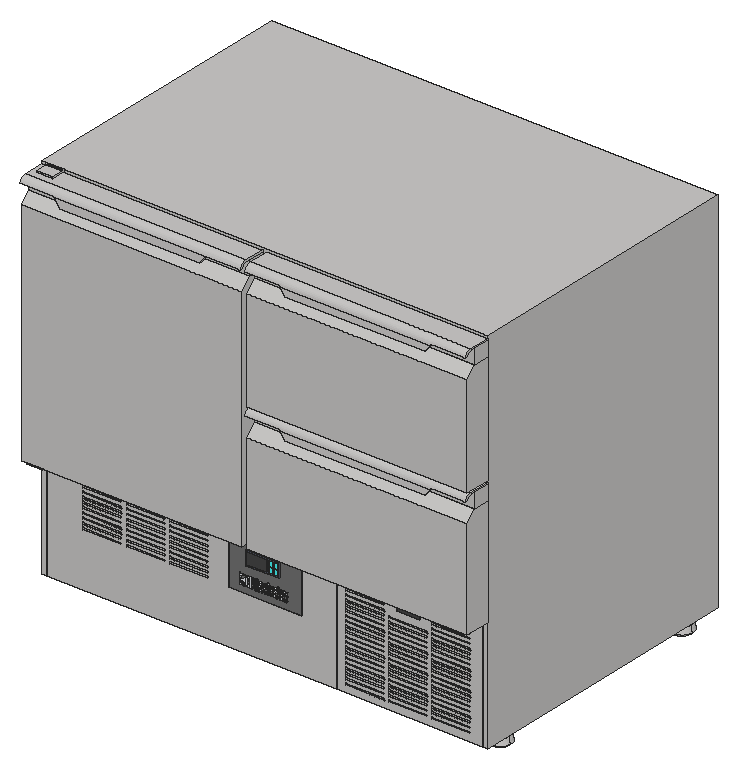
Revit family "QF_ELECTROLUXPROFESSIONAL_725105_SAL25N12", category Attrezzature speciali, Revit 2021
Family settings
  Quota connettore circolare = Usa diametro
  Tipo di parte = Normale
  Basato su piano di lavoro = No
  Sempre verticale = Sì
  Taglio con vuoti quando caricato = No
  Condiviso = No
  Punto di calcolo locali = No
Parameters (values of type "Standard")
  Weight = 85.00 kg
  Watts = 220 W
  Volts = 220 V
  URL Manufacturer = "https://www.electroluxprofessional.com/"
  URL = "https://www.electroluxprofessional.com/"
  Steam Supply Size = 0 mm
  Steam Supply Minimum Pressure = 0.0 Pa
  Steam Supply Maximum Pressure = 0.0 Pa
  Steam Consumption per Hour = 0
  Refrigeration Suction Line Size = 0 mm
  Refrigeration Liquid Line Size = 0 mm
  Refrigerant Compressor Remote = yes
  Prospetto di default = 0 mm
  Produttore = "Electrolux Professional"
  Phase = 1
  Modello = "SAL25N12"
  Length Actual = 950 mm  # constant formula
  Item Number = "725105"
  Hot Water Size = 0 mm
  Height Actual = 809 mm  # constant formula
  HP = "0.3 HP"
  Gas Size = 0 mm
  Gas KW = 0
  Gas Input Pressure = 0 W
  Direct Waste Size = 0 mm
  Descrizione = "1-DOOR+2-DRAWER REFRIGERATED COUNTER 250L +2+10°-NO TOP R290"
  Depth Actual = 674 mm  # constant formula
  Cycle = 50 Hz
  Condensate Return Size = 0 mm
  Compressed Air Volume = 0.0 L/s
  Compressed Air Size = 0 mm
  Compressed Air Pressure = 0.0 Pa
  Cold Water Size = 0 mm
  Accessory = yes
Reference planes
  plane 1: z = 0
  plane 2 "Center (Left/Right)": x = -126.5
  plane 3 "Center (Front/Back)": y = 64.5
  plane 4 "BACK": y = 414.5
  plane 5 "FRONT": y = -285.5
  plane 6 "LEFT": x = -604
  plane 7 "RIGHT": x = 351
  plane 8 "FEET": z = 20
  plane 9 "TOP": z = 858
  plane 10 "PLAIN": z = 808
  plane 11 "EI_back": y = 414.5
  plane 12 "EI_left": x = 287.5
  plane 13 "BorderBack": y = 414.5
  plane 14 "BorderFront": y = -252.5
  plane 15 "DOOR": y = -197.5
  plane 16 "BorderLeft": x = -601.5
  plane 17 "BorderRight": x = 348.5
  plane 18: x = -576.5
  plane 19: x = 323.5
  plane 20: y = -701.5
  plane 21: z = 260
  plane 22 "FeetBack": y = 347.5
  plane 23 "FeetFront": y = -137.5
  plane 24 "FeetRight": x = 326.2
  plane 25 "FeetLeft": x = -579.2
  plane 26 "DrainX": x = -271.5
  plane 27 "DrainY": y = 91.5
  plane 28: z = 238
Forms (mm)
  Extrusion 1, solid, material "QF_Finishes_Stainless Steel"
    sketch origin (-1022.223, 359, -1763) x (-1, 0, 0) y (0, 0, -1)
      loop
        circle (-1309.723, -1883) r 5
    from -55.5 to -57.278
  Extrusion 2, solid, material "QF_Finishes_Stainless Steel"
    sketch origin (-1022.223, -1524, 20) x (-1, 0, 0) y (0, -1, 0)
      loop
        line (-420.723, -1938.5) -> (-420.723, -1326.5) -> (-1370.723, -1326.5) -> (-1370.723, -1938.5) -> (-420.723, -1938.5)
    from 0 to 788
  Extrusion 3, void
    sketch origin (0, 0, 0) x (1, 0, 0) y (0, 1, 0)
      loop
        line (-591.5, -197.5) -> (338.5, -197.5) -> (338.5, -195.5) -> (-591.5, -195.5) -> (-591.5, -197.5)
    from 20 to 260
  Extrusion 4, solid, material "QF_Finishes_Stainless Steel"
    sketch origin (0, 0, 0) x (1, 0, 0) y (0, 1, 0)
      loop
        line (-591.5, -195.5) -> (-591.5, -197.5) -> (26.373, -197.5) -> (26.373, -195.5) -> (-591.5, -195.5)
    from 20 to 260
  Extrusion 5, solid, material "QF_Finishes_Stainless Steel"
    sketch origin (0, 0, 0) x (1, 0, 0) y (0, 1, 0)
      loop
        line (26.373, -195.5) -> (26.373, -197.5) -> (338.5, -197.5) -> (338.5, -195.5) -> (26.373, -195.5)
    from 20 to 260
  Extrusion 6, void
    sketch origin (560, -285.5, 0) x (-1, 0, 0) y (0, 0, 1)
      loop
        line (514.036, 239.427) -> (431.036, 239.427) -> (431.036, 234.427) -> (514.036, 234.427) -> (514.036, 239.427)
      loop
        line (514.036, 229.427) -> (431.036, 229.427) -> (431.036, 224.427) -> (514.036, 224.427) -> (514.036, 229.427)
      loop
        line (514.036, 219.427) -> (431.036, 219.427) -> (431.036, 214.427) -> (514.036, 214.427) -> (514.036, 219.427)
      loop
        line (514.036, 209.427) -> (431.036, 209.427) -> (431.036, 204.427) -> (514.036, 204.427) -> (514.036, 209.427)
      loop
        line (514.036, 199.427) -> (431.036, 199.427) -> (431.036, 194.427) -> (514.036, 194.427) -> (514.036, 199.427)
      loop
        line (514.036, 189.427) -> (431.036, 189.427) -> (431.036, 184.427) -> (514.036, 184.427) -> (514.036, 189.427)
      loop
        line (514.036, 179.427) -> (431.036, 179.427) -> (431.036, 174.427) -> (514.036, 174.427) -> (514.036, 179.427)
      loop
        line (514.036, 169.427) -> (431.036, 169.427) -> (431.036, 164.427) -> (514.036, 164.427) -> (514.036, 169.427)
      loop
        line (514.036, 149.427) -> (431.036, 149.427) -> (431.036, 144.427) -> (514.036, 144.427) -> (514.036, 149.427)
      loop
        line (514.036, 139.427) -> (431.036, 139.427) -> (431.036, 134.427) -> (514.036, 134.427) -> (514.036, 139.427)
      loop
        line (422.036, 199.427) -> (339.036, 199.427) -> (339.036, 194.427) -> (422.036, 194.427) -> (422.036, 199.427)
      loop
        line (422.036, 189.427) -> (339.036, 189.427) -> (339.036, 184.427) -> (422.036, 184.427) -> (422.036, 189.427)
      loop
        line (422.036, 179.427) -> (339.036, 179.427) -> (339.036, 174.427) -> (422.036, 174.427) -> (422.036, 179.427)
      loop
        line (422.036, 149.427) -> (339.036, 149.427) -> (339.036, 144.427) -> (422.036, 144.427) -> (422.036, 149.427)
      loop
        line (422.036, 139.427) -> (339.036, 139.427) -> (339.036, 134.427) -> (422.036, 134.427) -> (422.036, 139.427)
      loop
        line (330.036, 239.427) -> (247.036, 239.427) -> (247.036, 234.427) -> (330.036, 234.427) -> (330.036, 239.427)
      loop
        line (330.036, 229.427) -> (247.036, 229.427) -> (247.036, 224.427) -> (330.036, 224.427) -> (330.036, 229.427)
      loop
        line (330.036, 219.427) -> (247.036, 219.427) -> (247.036, 214.427) -> (330.036, 214.427) -> (330.036, 219.427)
      loop
        line (330.036, 209.427) -> (247.036, 209.427) -> (247.036, 204.427) -> (330.036, 204.427) -> (330.036, 209.427)
      loop
        line (330.036, 199.427) -> (247.036, 199.427) -> (247.036, 194.427) -> (330.036, 194.427) -> (330.036, 199.427)
      loop
        line (330.036, 189.427) -> (247.036, 189.427) -> (247.036, 184.427) -> (330.036, 184.427) -> (330.036, 189.427)
      loop
        line (330.036, 179.427) -> (247.036, 179.427) -> (247.036, 174.427) -> (330.036, 174.427) -> (330.036, 179.427)
      loop
        line (330.036, 149.427) -> (247.036, 149.427) -> (247.036, 144.427) -> (330.036, 144.427) -> (330.036, 149.427)
      loop
        line (330.036, 139.427) -> (247.036, 139.427) -> (247.036, 134.427) -> (330.036, 134.427) -> (330.036, 139.427)
      loop
        line (422.036, 169.427) -> (339.036, 169.427) -> (339.036, 164.427) -> (422.036, 164.427) -> (422.036, 169.427)
      loop
        line (330.036, 169.427) -> (247.036, 169.427) -> (247.036, 164.427) -> (330.036, 164.427) -> (330.036, 169.427)
      loop
        line (514.036, 159.427) -> (431.036, 159.427) -> (431.036, 154.427) -> (514.036, 154.427) -> (514.036, 159.427)
      loop
        line (422.036, 159.427) -> (339.036, 159.427) -> (339.036, 154.427) -> (422.036, 154.427) -> (422.036, 159.427)
      loop
        line (330.036, 159.427) -> (247.036, 159.427) -> (247.036, 154.427) -> (330.036, 154.427) -> (330.036, 159.427)
      loop
        line (514.036, 129.427) -> (431.036, 129.427) -> (431.036, 124.427) -> (514.036, 124.427) -> (514.036, 129.427)
      loop
        line (514.036, 119.427) -> (431.036, 119.427) -> (431.036, 114.427) -> (514.036, 114.427) -> (514.036, 119.427)
      loop
        line (514.036, 109.427) -> (431.036, 109.427) -> (431.036, 104.427) -> (514.036, 104.427) -> (514.036, 109.427)
      loop
        line (514.036, 99.427) -> (431.036, 99.427) -> (431.036, 94.427) -> (514.036, 94.427) -> (514.036, 99.427)
      loop
        line (514.036, 79.427) -> (431.036, 79.427) -> (431.036, 74.427) -> (514.036, 74.427) -> (514.036, 79.427)
      loop
        line (514.036, 69.427) -> (431.036, 69.427) -> (431.036, 64.427) -> (514.036, 64.427) -> (514.036, 69.427)
      loop
        line (422.036, 129.427) -> (339.036, 129.427) -> (339.036, 124.427) -> (422.036, 124.427) -> (422.036, 129.427)
      loop
        line (422.036, 119.427) -> (339.036, 119.427) -> (339.036, 114.427) -> (422.036, 114.427) -> (422.036, 119.427)
      loop
        line (422.036, 109.427) -> (339.036, 109.427) -> (339.036, 104.427) -> (422.036, 104.427) -> (422.036, 109.427)
      loop
        line (422.036, 79.427) -> (339.036, 79.427) -> (339.036, 74.427) -> (422.036, 74.427) -> (422.036, 79.427)
      loop
        line (422.036, 69.427) -> (339.036, 69.427) -> (339.036, 64.427) -> (422.036, 64.427) -> (422.036, 69.427)
      loop
        line (330.036, 129.427) -> (247.036, 129.427) -> (247.036, 124.427) -> (330.036, 124.427) -> (330.036, 129.427)
      loop
        line (330.036, 119.427) -> (247.036, 119.427) -> (247.036, 114.427) -> (330.036, 114.427) -> (330.036, 119.427)
      loop
        line (330.036, 109.427) -> (247.036, 109.427) -> (247.036, 104.427) -> (330.036, 104.427) -> (330.036, 109.427)
      loop
        line (330.036, 79.427) -> (247.036, 79.427) -> (247.036, 74.427) -> (330.036, 74.427) -> (330.036, 79.427)
      loop
        line (330.036, 69.427) -> (247.036, 69.427) -> (247.036, 64.427) -> (330.036, 64.427) -> (330.036, 69.427)
      loop
        line (422.036, 99.427) -> (339.036, 99.427) -> (339.036, 94.427) -> (422.036, 94.427) -> (422.036, 99.427)
      loop
        line (330.036, 99.427) -> (247.036, 99.427) -> (247.036, 94.427) -> (330.036, 94.427) -> (330.036, 99.427)
      loop
        line (514.036, 89.427) -> (431.036, 89.427) -> (431.036, 84.427) -> (514.036, 84.427) -> (514.036, 89.427)
      loop
        line (422.036, 89.427) -> (339.036, 89.427) -> (339.036, 84.427) -> (422.036, 84.427) -> (422.036, 89.427)
      loop
        line (330.036, 89.427) -> (247.036, 89.427) -> (247.036, 84.427) -> (330.036, 84.427) -> (330.036, 89.427)
      loop
        line (514.036, 49.427) -> (431.036, 49.427) -> (431.036, 44.427) -> (514.036, 44.427) -> (514.036, 49.427)
      loop
        line (514.036, 39.427) -> (431.036, 39.427) -> (431.036, 34.427) -> (514.036, 34.427) -> (514.036, 39.427)
      loop
        line (422.036, 49.427) -> (339.036, 49.427) -> (339.036, 44.427) -> (422.036, 44.427) -> (422.036, 49.427)
      loop
        line (422.036, 39.427) -> (339.036, 39.427) -> (339.036, 34.427) -> (422.036, 34.427) -> (422.036, 39.427)
      loop
        line (330.036, 49.427) -> (247.036, 49.427) -> (247.036, 44.427) -> (330.036, 44.427) -> (330.036, 49.427)
      loop
        line (330.036, 39.427) -> (247.036, 39.427) -> (247.036, 34.427) -> (330.036, 34.427) -> (330.036, 39.427)
      loop
        line (514.036, 59.427) -> (431.036, 59.427) -> (431.036, 54.427) -> (514.036, 54.427) -> (514.036, 59.427)
      loop
        line (422.036, 59.427) -> (339.036, 59.427) -> (339.036, 54.427) -> (422.036, 54.427) -> (422.036, 59.427)
      loop
        line (330.036, 59.427) -> (247.036, 59.427) -> (247.036, 54.427) -> (330.036, 54.427) -> (330.036, 59.427)
      loop
        line (405.536, 239.427) -> (355.536, 239.427) -> (355.536, 214.427) -> (405.536, 214.427) -> (405.536, 239.427)
    from 88 to 90
  Extrusion 7, solid, material "QF_Finishes_Black"
    sketch origin (0, -285.5, 0) x (-1, 0, 0) y (0, 0, 1)
      loop
        line (-154.464, 239.427) -> (-204.464, 239.427) -> (-204.464, 214.427) -> (-154.464, 214.427) -> (-154.464, 239.427)
    from 88 to 90
  Extrusion 8, solid, material "QF_Finishes_Stainless Steel"
    sketch origin (-1022.223, -1524, 20) x (-1, 0, 0) y (0, -1, 0)
      loop
        circle (-750.723, -1615.5) r 6.35
    from 199.427 to 218
  Extrusion 9, void
    sketch origin (0, -285.5, 0) x (-1, 0, 0) y (0, 0, 1)
      loop
        line (514.036, 239.427) -> (431.036, 239.427) -> (431.036, 234.427) -> (514.036, 234.427) -> (514.036, 239.427)
      loop
        line (514.036, 229.427) -> (431.036, 229.427) -> (431.036, 224.427) -> (514.036, 224.427) -> (514.036, 229.427)
      loop
        line (514.036, 219.427) -> (431.036, 219.427) -> (431.036, 214.427) -> (514.036, 214.427) -> (514.036, 219.427)
      loop
        line (514.036, 209.427) -> (431.036, 209.427) -> (431.036, 204.427) -> (514.036, 204.427) -> (514.036, 209.427)
      loop
        line (514.036, 199.427) -> (431.036, 199.427) -> (431.036, 194.427) -> (514.036, 194.427) -> (514.036, 199.427)
      loop
        line (514.036, 189.427) -> (431.036, 189.427) -> (431.036, 184.427) -> (514.036, 184.427) -> (514.036, 189.427)
      loop
        line (514.036, 179.427) -> (431.036, 179.427) -> (431.036, 174.427) -> (514.036, 174.427) -> (514.036, 179.427)
      loop
        line (514.036, 169.427) -> (431.036, 169.427) -> (431.036, 164.427) -> (514.036, 164.427) -> (514.036, 169.427)
      loop
        line (514.036, 149.427) -> (431.036, 149.427) -> (431.036, 144.427) -> (514.036, 144.427) -> (514.036, 149.427)
      loop
        line (514.036, 139.427) -> (431.036, 139.427) -> (431.036, 134.427) -> (514.036, 134.427) -> (514.036, 139.427)
      loop
        line (422.036, 199.427) -> (339.036, 199.427) -> (339.036, 194.427) -> (422.036, 194.427) -> (422.036, 199.427)
      loop
        line (422.036, 189.427) -> (339.036, 189.427) -> (339.036, 184.427) -> (422.036, 184.427) -> (422.036, 189.427)
      loop
        line (422.036, 179.427) -> (339.036, 179.427) -> (339.036, 174.427) -> (422.036, 174.427) -> (422.036, 179.427)
      loop
        line (422.036, 149.427) -> (339.036, 149.427) -> (339.036, 144.427) -> (422.036, 144.427) -> (422.036, 149.427)
      loop
        line (422.036, 139.427) -> (339.036, 139.427) -> (339.036, 134.427) -> (422.036, 134.427) -> (422.036, 139.427)
      loop
        line (330.036, 239.427) -> (247.036, 239.427) -> (247.036, 234.427) -> (330.036, 234.427) -> (330.036, 239.427)
      loop
        line (330.036, 229.427) -> (247.036, 229.427) -> (247.036, 224.427) -> (330.036, 224.427) -> (330.036, 229.427)
      loop
        line (330.036, 219.427) -> (247.036, 219.427) -> (247.036, 214.427) -> (330.036, 214.427) -> (330.036, 219.427)
      loop
        line (330.036, 209.427) -> (247.036, 209.427) -> (247.036, 204.427) -> (330.036, 204.427) -> (330.036, 209.427)
      loop
        line (330.036, 199.427) -> (247.036, 199.427) -> (247.036, 194.427) -> (330.036, 194.427) -> (330.036, 199.427)
      loop
        line (330.036, 189.427) -> (247.036, 189.427) -> (247.036, 184.427) -> (330.036, 184.427) -> (330.036, 189.427)
      loop
        line (330.036, 179.427) -> (247.036, 179.427) -> (247.036, 174.427) -> (330.036, 174.427) -> (330.036, 179.427)
      loop
        line (330.036, 149.427) -> (247.036, 149.427) -> (247.036, 144.427) -> (330.036, 144.427) -> (330.036, 149.427)
      loop
        line (330.036, 139.427) -> (247.036, 139.427) -> (247.036, 134.427) -> (330.036, 134.427) -> (330.036, 139.427)
      loop
        line (422.036, 169.427) -> (339.036, 169.427) -> (339.036, 164.427) -> (422.036, 164.427) -> (422.036, 169.427)
      loop
        line (330.036, 169.427) -> (247.036, 169.427) -> (247.036, 164.427) -> (330.036, 164.427) -> (330.036, 169.427)
      loop
        line (514.036, 159.427) -> (431.036, 159.427) -> (431.036, 154.427) -> (514.036, 154.427) -> (514.036, 159.427)
      loop
        line (422.036, 159.427) -> (339.036, 159.427) -> (339.036, 154.427) -> (422.036, 154.427) -> (422.036, 159.427)
      loop
        line (330.036, 159.427) -> (247.036, 159.427) -> (247.036, 154.427) -> (330.036, 154.427) -> (330.036, 159.427)
      loop
        line (422.036, 239.427) -> (339.036, 239.427) -> (339.036, 234.427) -> (422.036, 234.427) -> (422.036, 239.427)
      loop
        line (422.036, 229.427) -> (339.036, 229.427) -> (339.036, 224.427) -> (422.036, 224.427) -> (422.036, 229.427)
      loop
        line (422.036, 219.427) -> (339.036, 219.427) -> (339.036, 214.427) -> (422.036, 214.427) -> (422.036, 219.427)
      loop
        line (422.036, 209.427) -> (339.036, 209.427) -> (339.036, 204.427) -> (422.036, 204.427) -> (422.036, 209.427)
      loop
        line (204.5, 134.427) -> (204.5, 239.427) -> (48.5, 239.427) -> (48.5, 134.427) -> (204.5, 134.427)
    from 88 to 90
Cuts and joins
  Extrusion 3, Extrusion 6 cuts Extrusion 2
  Extrusion 6, Extrusion 9 cuts Extrusion 4
  Extrusion 6 cuts Extrusion 5
Lines and regions (mm)
  symbolic lines, style "SpecialityEquipmentHiddenLines"
    curve 1: line (-601.5, 414.5, 808) -> (348.5, 414.5, 808)
    curve 2: line (-601.5, -197.5, 808) -> (348.5, -197.5, 808)
    curve 3: line (-601.5, 414.5, 808) -> (-601.5, -252.5, 808)
    curve 4: line (348.5, -252.5, 808) -> (348.5, 414.5, 808)
    curve 5: line (-601.5, -252.5, 808) -> (-131.5, -252.5, 808)
    curve 6: line (-131.5, -252.5, 808) -> (-131.5, -197.5, 808)
    curve 7: line (-121.5, -252.5, 808) -> (-121.5, -197.5, 808)
    curve 8: line (-121.5, -252.5, 808) -> (348.5, -252.5, 808)
Dimensions and locks
  equal spacing: plane 6 "LEFT", plane 2 "Center (Left/Right)", plane 7 "RIGHT"
  plane 8 "FEET" to level = 20 mm
  plane 4 "BACK" to plane 13 "BorderBack" = 0 mm
  plane 14 "BorderFront" to plane 5 "FRONT" = 33 mm
  plane 15 "DOOR" to plane 14 "BorderFront" = 55 mm
  plane 6 "LEFT" to plane 16 "BorderLeft" = 2.5 mm
  plane 17 "BorderRight" to plane 7 "RIGHT" = 2.5 mm
  plane 10 "PLAIN" to plane 8 "FEET" = 788 mm
  plane 9 "TOP" to plane 10 "PLAIN" = 50 mm
  plane 19 to plane 17 "BorderRight" = 25 mm
  plane 13 "BorderBack" to plane 11 "EI_back" = 0 mm
  plane 6 "LEFT" to plane 7 "RIGHT" = 955 mm
  plane 4 "BACK" to plane 5 "FRONT" = 700 mm
  equal spacing: plane 4 "BACK", plane 3 "Center (Front/Back)", plane 5 "FRONT"
  plane 13 "BorderBack" to plane 20 = 1116 mm
  plane 21 to plane 8 "FEET" = 240 mm
  plane 13 "BorderBack" to plane 22 "FeetBack" = 67 mm
  plane 23 "FeetFront" to plane 15 "DOOR" = 60 mm
  plane 24 "FeetRight" to plane 17 "BorderRight" = 22.3 mm
  plane 12 "EI_left" to plane 17 "BorderRight" = 61 mm
  plane 13 "BorderBack" to plane 27 "DrainY" = 323 mm
  plane 16 "BorderLeft" to plane 26 "DrainX" = 330 mm
  plane 28 to plane 8 "FEET" = 218 mm
  aligned and locked: level to plane 1
Automatic sketch dimensions
  Extrusion 1 sketch curve to plane 12 "EI_left" = 0 mm
  plane 8 "FEET" to Extrusion 1 sketch curve = 100 mm
  Extrusion 2 sketch curve to plane 4 "BACK" = 0 mm
  Extrusion 2 sketch curve to plane 17 "BorderRight" = 0 mm
  Extrusion 2 sketch curve to plane 15 "DOOR" = 0 mm
  Extrusion 2 sketch curve to plane 16 "BorderLeft" = 0 mm
  Extrusion 3 sketch curve to plane 15 "DOOR" = 0 mm
  plane 16 "BorderLeft" to Extrusion 3 sketch curve = 10 mm
  Extrusion 3 sketch curve to plane 17 "BorderRight" = 10 mm
  plane 15 "DOOR" to Extrusion 3 sketch curve = 2 mm
  Extrusion 4 sketch curve to plane 15 "DOOR" = 0 mm
  plane 16 "BorderLeft" to Extrusion 4 sketch curve = 10 mm
  plane 2 "Center (Left/Right)" to Extrusion 4 sketch curve = 152.873 mm
  plane 15 "DOOR" to Extrusion 4 sketch curve = 2 mm
  Extrusion 5 sketch curve to plane 15 "DOOR" = 0 mm
  plane 2 "Center (Left/Right)" to Extrusion 5 sketch curve = 152.873 mm
  Extrusion 5 sketch curve to plane 17 "BorderRight" = 10 mm
  plane 15 "DOOR" to Extrusion 5 sketch curve = 2 mm
  Extrusion 6 sketch curve to plane 19 = 10.536 mm  (x6)
  Extrusion 6 sketch curve to Extrusion 6 sketch curve = 0 mm  (x96)
  Extrusion 6 sketch curve to Extrusion 6 sketch curve = 83 mm  (x4)
  Extrusion 6 sketch curve to plane 21 = 20.573 mm  (x2)
  Extrusion 6 sketch curve to Extrusion 6 sketch curve = 9 mm  (x11)
  Extrusion 6 sketch curve to Extrusion 6 sketch curve = 66.5 mm
  Extrusion 6 sketch curve to Extrusion 6 sketch curve = 16.5 mm
  plane 8 "FEET" to Extrusion 6 sketch curve = 29.427 mm  (x2)
  Extrusion 6 sketch curve to Extrusion 6 sketch curve = 5 mm  (x115)
  Extrusion 6 sketch curve to Extrusion 6 sketch curve = 15 mm
  Extrusion 6 sketch curve to Extrusion 6 sketch curve = 25.5 mm
  Extrusion 7 sketch curve to plane 21 = 20.573 mm
  Extrusion 7 sketch curve to plane 19 = 119.036 mm
  Extrusion 7 sketch curve to Extrusion 7 sketch curve = 50 mm
  Extrusion 7 sketch curve to Extrusion 7 sketch curve = 25 mm
  Extrusion 8 sketch curve to plane 26 "DrainX" = 0 mm
  Extrusion 8 sketch curve to plane 27 "DrainY" = 0 mm
  curve 8 to plane 14 "BorderFront" = 0 mm
  curve 8 to plane 17 "BorderRight" = 0 mm
  curve 1 to plane 4 "BACK" = 0 mm
  curve 2 to plane 15 "DOOR" = 0 mm
  curve 5 to plane 14 "BorderFront" = 0 mm
  curve 2 to plane 16 "BorderLeft" = 0 mm
  plane 2 "Center (Left/Right)" to curve 7 = 5 mm
  curve 5 to plane 2 "Center (Left/Right)" = 5 mm
  plane 2 "Center (Left/Right)" to Extrusion 9 sketch curve = 78 mm
  plane 28 to Extrusion 9 sketch curve = 1.427 mm  (x4)
  plane 26 "DrainX" to Extrusion 9 sketch curve = 67 mm
  plane 26 "DrainX" to Extrusion 9 sketch curve = 24.464 mm  (x2)
  Extrusion 9 sketch curve to Extrusion 9 sketch curve = 0 mm  (x56)
  Extrusion 9 sketch curve to plane 26 "DrainX" = 58.536 mm
  Extrusion 9 sketch curve to Extrusion 9 sketch curve = 9 mm  (x6)
  Extrusion 9 sketch curve to Extrusion 9 sketch curve = 83 mm
  Extrusion 9 sketch curve to plane 28 = 3.573 mm  (x3)
  Extrusion 9 sketch curve to plane 28 = 13.573 mm  (x2)
  plane 18 to Extrusion 9 sketch curve = 62.464 mm  (x2)
  Extrusion 9 sketch curve to Extrusion 9 sketch curve = 5 mm  (x57)
  radius of Extrusion 1 sketch curve = 5 mm
  radius of Extrusion 8 sketch curve = 6.35 mm
Nested families
  nested 1: "HORIZREF_ELX_DISPLAY" at (-126.5, -195.5, 184.427) x (1, 0, 0) z (0, -1, 0), type "HORIZREF_ELX_DISPLAY"
    with Show Logo yes
  nested 2: "HORIZREF_FEET20" at (326.2, -137.5, 0), type "HORIZREF_FEET20"
  nested 3: "HORIZREF_FEET20" at (326.2, 347.5, 0), type "HORIZREF_FEET20"
  nested 4: "HORIZREF_FEET20" at (-579.2, -137.5, 0), type "HORIZREF_FEET20"
  nested 5: "HORIZREF_FEET20" at (-579.2, 347.5, 0), type "HORIZREF_FEET20"
  nested 6: "HORIZREF_HALF" at (113.5, -197.5, 531.5) x (1, 0, 0) z (0, -1, 0), type "HORIZREF_HALF"
    with Show Clearance yes
  nested 7: "Refrigerator" at (351, -285.5, 808), type "Refrigerator"
  nested 8: "HORIZREF_SD_L" at (-366.5, -197.5, 531.497) x (1, 0, 0) z (0, -1, 0), type "HORIZREF_SD_L"
    with Show Clearance yes
Connectors
  electrical at (287.5, 416.278, 120), driven by "Volts"
    settings: on Extrusion 1, index 1, voltage 220 V, apparent load 0 VA, apparent load phase1 0 VA, apparent load phase2 0 VA, apparent load phase3 0 VA, power factor 1, load classification "Other", number of poles 1, system type 31, power factor state 1, is connector primary yes, connector utility no, sub classification motor no, connector description "Electrical Connection"
  piping at (-271.5, 91.5, 219.427), diameter 12.7
    settings: on Extrusion 8, index 2, connector inside diameter 609.6 mm, connector length 0 mm, flow factor 0, pipe flow 0.0 L/s, pressure drop 0.0 Pa, fitting loss kfactor 0, connector angle 0.00°, fixture units 0, engagement length 0 mm, angle of deflection 0.00°, flow configuration 0, flow direction 2, fitting loss method 0, system type 16, joint type 0, gender type 0, connector reference index -1, connector utility 0, adjustable connector no, is connector primary yes, connector description "Drain"
Definition of nested family "HORIZREF_ELX_DISPLAY"
  Parameters
    Show Logo [instance] = yes
    Default Elevation = 1219.2 mm
  Reference planes
    plane 1 "Centro (Fronte/Retro)": y = 0
    plane 2: z = 0
    plane 3 "Centro (Sinistra/Destra)": x = 0
  Forms (mm)
    Extrusion 1, solid
      sketch origin (0, 0, 0) x (1, 0, 0) y (0, 1, 0)
        loop
          line (-1219.2, 1219.2) -> (-1219.2, -1219.2) -> (1219.2, -1219.2) -> (1219.2, 1219.2) -> (-1219.2, 1219.2)
      from 0 to -304.8
    Extrusion 2, solid
      sketch origin (-117.256, -247.111, 0) x (1, 0, 0) y (0, 1, 0)
        loop
          line (77.927, 232.209) -> (77.927, 212.414)
          arc (77.927, 212.414) -> (85.244, 222.312) -> (77.927, 232.209) r 10.352
        loop
          arc (76.92, 232.209) -> (68.688, 230.338) -> (64.721, 222.885) r 10.145
          line (64.721, 222.885) -> (67.996, 222.885)
          arc (67.996, 222.885) -> (73.846, 225.26) -> (76.92, 230.776) r 9.509
          line (76.92, 230.776) -> (76.92, 232.209)
        loop
          arc (76.92, 213.848) -> (73.846, 219.363) -> (67.996, 221.738) r 9.509
          line (67.996, 221.738) -> (64.721, 221.738)
          arc (64.721, 221.738) -> (68.681, 214.224) -> (76.92, 212.16) r 10.411
          line (76.92, 212.16) -> (76.92, 213.848)
        loop
          line (63.97, 233.289) -> (63.97, 211.289) -> (86, 211.289) -> (86, 233.289) -> (63.97, 233.289)
      from 2 to 3.6
    Extrusion 3, solid
      sketch origin (-117.256, -247.111, 0) x (1, 0, 0) y (0, 1, 0)
        loop
          line (98.829, 233.259) -> (91.393, 233.259) -> (91.393, 224.6)
          arc (91.393, 224.6) -> (92.372, 222.237) -> (94.734, 221.259) r 3.341
          line (94.734, 221.259) -> (98.973, 221.259) -> (98.973, 223.201) -> (95.218, 223.201)
          arc (95.218, 223.201) -> (93.984, 223.618) -> (93.459, 224.81) r 1.615
          line (93.459, 224.81) -> (93.459, 226.527) -> (98.508, 226.527) -> (98.508, 228.477) -> (93.459, 228.477) -> (93.459, 231.315) -> (98.829, 231.315) -> (98.829, 233.259)
        loop
          line (100.441, 233.259) -> (100.441, 221.259) -> (102.508, 221.259) -> (102.508, 233.259) -> (100.441, 233.259)
        loop
          line (145.333, 233.259) -> (145.333, 221.259) -> (147.401, 221.259) -> (147.401, 233.259) -> (145.333, 233.259)
        loop
          line (105.926, 225.091) -> (112.709, 225.091)
          arc (112.709, 225.091) -> (111.648, 228.817) -> (108.02, 230.176) r 4.298
          arc (108.02, 230.176) -> (104.824, 228.555) -> (103.912, 225.091) r 4.373
          arc (103.912, 225.091) -> (105.112, 222.194) -> (108.01, 220.994) r 4.097
          arc (108.01, 220.994) -> (110.264, 221.326) -> (112.155, 222.599) r 5.15
          line (112.155, 222.599) -> (110.93, 223.823)
          arc (110.93, 223.823) -> (109.323, 222.859) -> (107.456, 223.021) r 3.039
          arc (107.456, 223.021) -> (106.317, 223.78) -> (105.926, 225.091) r 2.013
        loop
          line (105.978, 226.544) -> (110.632, 226.544)
          arc (110.632, 226.544) -> (109.979, 227.918) -> (108.544, 228.425) r 1.983
          arc (108.544, 228.425) -> (106.888, 227.993) -> (105.978, 226.544) r 2.321
        loop
          line (120.766, 227.409) -> (122.064, 228.707)
          arc (122.064, 228.707) -> (120.436, 229.885) -> (118.459, 230.237) r 4.497
          arc (118.459, 230.237) -> (115.442, 229.135) -> (113.859, 226.34) r 4.652
          arc (113.859, 226.34) -> (116.527, 221.441) -> (121.991, 222.571) r 4.684
          line (121.991, 222.571) -> (120.7, 223.861)
          arc (120.7, 223.861) -> (117.914, 222.94) -> (115.918, 225.091) r 2.714
          arc (115.918, 225.091) -> (116.057, 226.792) -> (117.228, 228.033) r 2.578
          arc (117.228, 228.033) -> (119.103, 228.319) -> (120.766, 227.409) r 2.961
        loop
          line (123.333, 233.259) -> (123.333, 225.058)
          arc (123.333, 225.058) -> (123.512, 223.828) -> (123.973, 222.673) r 5.301
          arc (123.973, 222.673) -> (125.448, 221.5) -> (127.317, 221.253) r 3.531
          line (127.317, 221.253) -> (127.317, 223.19)
          arc (127.317, 223.19) -> (126.761, 223.233) -> (126.243, 223.438) r 1.862
          arc (126.243, 223.438) -> (125.579, 224.14) -> (125.401, 225.091) r 1.713
          line (125.401, 225.091) -> (125.401, 228.06) -> (127.278, 228.06) -> (127.278, 229.938) -> (125.401, 229.938) -> (125.401, 233.259) -> (123.333, 233.259)
        loop
          arc (131.067, 225.821) -> (131.215, 226.686) -> (131.641, 227.453) r 2.607
          arc (131.641, 227.453) -> (132.879, 228.089) -> (134.271, 228.06) r 2.84
          line (134.271, 228.06) -> (134.271, 230.047)
          arc (134.271, 230.047) -> (132.453, 229.875) -> (131.067, 228.687) r 3.016
          line (131.067, 228.687) -> (131.067, 229.938) -> (129.017, 229.938) -> (129.017, 221.259) -> (131.067, 221.259) -> (131.067, 225.821)
        loop
          circle (139.325, 225.597) r 4.599
        loop
          circle (139.325, 225.597) r 2.787
        loop
          arc (154.856, 224.873) -> (154.346, 223.47) -> (152.961, 222.911) r 1.835
          arc (152.961, 222.911) -> (151.577, 223.47) -> (151.067, 224.873) r 1.835
          line (151.067, 224.873) -> (151.067, 229.938) -> (148.982, 229.938) -> (148.982, 224.701)
          arc (148.982, 224.701) -> (150.168, 221.997) -> (152.961, 221.039) r 3.675
          arc (152.961, 221.039) -> (155.786, 222.026) -> (156.94, 224.786) r 3.675
          line (156.94, 224.786) -> (156.94, 229.938) -> (154.856, 229.938) -> (154.856, 224.873)
        loop
          line (158.189, 229.938) -> (161.191, 225.862) -> (157.893, 221.256) -> (160.115, 221.256) -> (162.304, 224.313) -> (164.525, 221.256) -> (166.733, 221.256) -> (163.482, 225.91) -> (166.455, 229.938) -> (164.198, 229.938) -> (162.297, 227.361) -> (160.425, 229.938) -> (158.189, 229.938)
        loop
          line (92.555, 216.284) -> (90.907, 216.284) -> (90.907, 212.134) -> (91.809, 212.134) -> (91.809, 213.563) -> (92.806, 213.563)
          arc (92.806, 213.563) -> (93.922, 215.038) -> (92.555, 216.284) r 1.372
        loop
          arc (92.767, 214.378) -> (93.108, 214.912) -> (92.767, 215.445) r 0.587
          line (92.767, 215.445) -> (91.809, 215.445) -> (91.809, 214.378) -> (92.767, 214.378)
        loop
          line (99.067, 216.284) -> (97.391, 216.284) -> (97.391, 212.134) -> (98.293, 212.134) -> (98.293, 213.563) -> (99.165, 213.563) -> (99.762, 212.134) -> (100.731, 212.134) -> (99.915, 213.884)
          arc (99.915, 213.884) -> (100.306, 214.351) -> (100.437, 214.946) r 1.281
          arc (100.437, 214.946) -> (100.025, 215.894) -> (99.067, 216.284) r 1.37
        loop
          line (98.293, 215.445) -> (98.293, 214.378) -> (99.25, 214.378)
          arc (99.25, 214.378) -> (99.592, 214.912) -> (99.25, 215.445) r 0.587
          line (99.25, 215.445) -> (98.293, 215.445)
        loop
          circle (106.029, 214.209) r 2.156
        loop
          circle (106.029, 214.209) r 1.368
        loop
          line (111.728, 216.284) -> (111.728, 212.134) -> (112.608, 212.134) -> (112.608, 213.584) -> (114.17, 213.584) -> (114.17, 214.514) -> (112.608, 214.514) -> (112.608, 215.39) -> (114.32, 215.39) -> (114.32, 216.284) -> (111.728, 216.284)
        loop
          line (117.82, 216.284) -> (117.82, 213.482)
          arc (117.82, 213.482) -> (118.202, 212.532) -> (119.147, 212.137) r 1.327
          line (119.147, 212.137) -> (120.486, 212.137) -> (120.486, 212.921) -> (119.227, 212.921)
          arc (119.227, 212.921) -> (118.763, 213.304) -> (118.672, 213.899) r 0.845
          line (118.672, 213.899) -> (120.331, 213.899) -> (120.331, 214.683) -> (118.672, 214.683) -> (118.672, 215.5) -> (120.446, 215.5) -> (120.446, 216.284) -> (117.82, 216.284)
        loop
          arc (132.848, 215.758) -> (132.298, 216.209) -> (131.602, 216.353) r 1.485
          arc (131.602, 216.353) -> (130.959, 216.195) -> (130.43, 215.796) r 1.645
          arc (130.43, 215.796) -> (130.333, 214.854) -> (130.941, 214.127) r 1.217
          arc (130.941, 214.127) -> (131.452, 213.957) -> (131.937, 213.722) r 4.201
          arc (131.937, 213.722) -> (132.243, 213.361) -> (132.032, 212.937) r 0.43
          arc (132.032, 212.937) -> (131.64, 212.845) -> (131.25, 212.944) r 0.846
          arc (131.25, 212.944) -> (130.912, 213.187) -> (130.706, 213.548) r 0.983
          line (130.706, 213.548) -> (129.98, 213.209)
          arc (129.98, 213.209) -> (130.241, 212.705) -> (130.663, 212.324) r 1.595
          arc (130.663, 212.324) -> (131.141, 212.12) -> (131.658, 212.068) r 1.719
          arc (131.658, 212.068) -> (132.297, 212.196) -> (132.873, 212.501) r 2.246
          arc (132.873, 212.501) -> (133.128, 213.178) -> (132.996, 213.889) r 1.349
          arc (132.996, 213.889) -> (132.713, 214.216) -> (132.35, 214.453) r 1.564
          arc (132.35, 214.453) -> (131.891, 214.658) -> (131.421, 214.834) r 8.236
          arc (131.421, 214.834) -> (131.149, 215.257) -> (131.542, 215.57) r 0.375
          arc (131.542, 215.57) -> (132.012, 215.457) -> (132.374, 215.136) r 0.998
          line (132.374, 215.136) -> (132.848, 215.758)
        loop
          line (136.655, 216.284) -> (136.655, 212.137) -> (137.508, 212.137) -> (137.508, 216.284) -> (136.655, 216.284)
        loop
          circle (143.258, 214.21) r 1.29
        loop
          circle (143.258, 214.21) r 2.154
        loop
          line (148.978, 212.137) -> (149.84, 212.137) -> (149.84, 214.744) -> (151.737, 212.137) -> (152.566, 212.137) -> (152.566, 216.284) -> (151.705, 216.284) -> (151.705, 213.597) -> (149.808, 216.284) -> (148.978, 216.284) -> (148.978, 212.137)
        loop
          line (156.866, 212.137) -> (157.27, 213.031) -> (158.804, 213.031) -> (159.207, 212.137) -> (160.124, 212.137) -> (158.372, 216.284) -> (157.572, 216.284) -> (155.95, 212.137) -> (156.866, 212.137)
        loop
          line (158.421, 213.882) -> (158.01, 214.793) -> (157.611, 213.882) -> (158.421, 213.882)
        loop
          line (164.359, 212.921) -> (164.359, 216.284) -> (163.507, 216.284) -> (163.507, 212.137) -> (165.954, 212.137) -> (165.954, 212.921) -> (164.359, 212.921)
        loop
          arc (126.63, 215.758) -> (126.081, 216.209) -> (125.384, 216.353) r 1.485
          arc (125.384, 216.353) -> (124.742, 216.195) -> (124.213, 215.796) r 1.645
          arc (124.213, 215.796) -> (124.115, 214.854) -> (124.723, 214.127) r 1.217
          arc (124.723, 214.127) -> (125.234, 213.957) -> (125.719, 213.722) r 4.201
          arc (125.719, 213.722) -> (126.026, 213.361) -> (125.815, 212.937) r 0.43
          arc (125.815, 212.937) -> (125.422, 212.845) -> (125.032, 212.944) r 0.846
          arc (125.032, 212.944) -> (124.695, 213.187) -> (124.488, 213.548) r 0.983
          line (124.488, 213.548) -> (123.763, 213.209)
          arc (123.763, 213.209) -> (124.024, 212.705) -> (124.446, 212.324) r 1.595
          arc (124.446, 212.324) -> (124.923, 212.12) -> (125.441, 212.068) r 1.719
          arc (125.441, 212.068) -> (126.08, 212.196) -> (126.656, 212.501) r 2.246
          arc (126.656, 212.501) -> (126.91, 213.178) -> (126.779, 213.889) r 1.349
          arc (126.779, 213.889) -> (126.495, 214.216) -> (126.132, 214.453) r 1.564
          arc (126.132, 214.453) -> (125.674, 214.658) -> (125.203, 214.834) r 8.236
          arc (125.203, 214.834) -> (124.931, 215.257) -> (125.324, 215.57) r 0.375
          arc (125.324, 215.57) -> (125.795, 215.457) -> (126.156, 215.136) r 0.998
          line (126.156, 215.136) -> (126.63, 215.758)
      from 2 to 3.6
    Extrusion 4, solid
      sketch origin (0, -268.882, 0) x (1, 0, 0) y (0, 1, 0)
        loop
          line (-38.5, 303.882) -> (-38.5, 274.364) -> (31.5, 274.364) -> (31.5, 303.882) -> (-38.5, 303.882)
        loop
          line (-78, 218.882) -> (78, 218.882) -> (78, 318.882) -> (53, 318.882) -> (40, 313.882) -> (-40, 313.882) -> (-53, 318.882) -> (-78, 318.882) -> (-78, 218.882)
      from 0 to 2
    Extrusion 5, solid
      sketch origin (0, -270.882, 0) x (1, 0, 0) y (0, 1, 0)
        loop
          line (-78, 325.882) -> (-78, 320.882) -> (-53, 320.882) -> (-40, 315.882) -> (40, 315.882) -> (53, 320.882) -> (78, 320.882) -> (78, 325.882) -> (-78, 325.882)
      from 0 to 2
    Extrusion 6, solid
      sketch origin (0, -270.882, 0) x (1, 0, 0) y (0, 1, 0)
        loop
          line (-38.5, 305.882) -> (-38.5, 276.364) -> (31.5, 276.364) -> (31.5, 305.882) -> (-38.5, 305.882)
        loop
          line (9.5, 302.882) -> (9.5, 291.882) -> (17.5, 291.882) -> (17.5, 302.882) -> (9.5, 302.882)
        loop
          line (20.512, 302.882) -> (20.512, 291.882) -> (28.512, 291.882) -> (28.512, 302.882) -> (20.512, 302.882)
        loop
          line (20.512, 290.364) -> (20.512, 279.364) -> (28.512, 279.364) -> (28.512, 290.364) -> (20.512, 290.364)
        loop
          line (9.5, 290.364) -> (9.5, 279.364) -> (17.5, 279.364) -> (17.5, 290.364) -> (9.5, 290.364)
        loop
          line (-35.5, 302.882) -> (-35.5, 279.364) -> (6.075, 279.364) -> (6.075, 302.882) -> (-35.5, 302.882)
      from 0 to 4
    Extrusion 7, solid
      sketch origin (0, -270.882, 0) x (1, 0, 0) y (0, 1, 0)
        loop
          line (-35.5, 302.882) -> (-35.5, 279.364) -> (6.075, 279.364) -> (6.075, 302.882) -> (-35.5, 302.882)
      from 0 to 5
    Extrusion 8, solid
      sketch origin (0, -270.882, 0) x (1, 0, 0) y (0, 1, 0)
        loop
          line (9.5, 302.882) -> (9.5, 291.882) -> (17.5, 291.882) -> (17.5, 302.882) -> (9.5, 302.882)
        loop
          line (28.512, 291.882) -> (28.512, 302.882) -> (20.512, 302.882) -> (20.512, 291.882) -> (28.512, 291.882)
        loop
          line (9.5, 279.364) -> (17.5, 279.364) -> (17.5, 290.364) -> (9.5, 290.364) -> (9.5, 279.364)
        loop
          line (28.512, 279.364) -> (28.512, 290.364) -> (20.512, 290.364) -> (20.512, 279.364) -> (28.512, 279.364)
      from 0 to 4
  Dimensions and locks
    aligned and locked: plane 2 to Extrusion 1
    aligned and locked: level to Extrusion 1
Definition of nested family "HORIZREF_FEET20"
  Parameters
    Default Elevation = 0 mm
    FEET = 20 mm
  Reference planes
    plane 1 "Center (Front/Back)": y = 0
    plane 2: z = 0
    plane 3 "Center (Left/Right)": x = 0
    plane 4: z = 20
  Forms (mm)
    Revolve 1, solid
      sketch origin (255.05, 0, 608.09) x (0, 0, 1) y (-1, 0, 0)
        loop
          line (-608.09, 255.05) -> (-608.09, 233.546) -> (-605.676, 231.132) -> (-594.09, 235.349) -> (-594.09, 255.05) -> (-608.09, 255.05)
        axis (-608.09, 255.05) -> (-594.09, 255.05)
      angle from 0 to 360
    Revolve 2, solid
      sketch origin (255.05, 0, 608.09) x (0, 0, 1) y (-1, 0, 0)
        loop
          line (-594.09, 255.05) -> (-594.09, 245.05) -> (-588.09, 245.05) -> (-588.09, 255.05) -> (-594.09, 255.05)
        axis (-594.09, 255.05) -> (-588.09, 255.05)
      angle from 0 to 360
  Dimensions and locks
    "FEET": plane 4 to plane 2
    aligned and locked: level to plane 2
  Automatic sketch dimensions
    Revolve 1 sketch curve to level = 0 mm
    Revolve 1 sketch curve to plane 3 "Center (Left/Right)" = 0 mm  (x2)
    level to Revolve 1 sketch curve = 2.414 mm
    Revolve 1 sketch curve to plane 4 = 6 mm
    plane 3 "Center (Left/Right)" to Revolve 1 sketch curve = 19.701 mm
    Revolve 1 sketch curve to Revolve 1 sketch curve = 1.803 mm
    Revolve 1 sketch curve to Revolve 1 sketch curve = 2.414 mm
    plane 4 to Revolve 1 sketch curve = 50 mm
    Revolve 1 sketch curve to Revolve 1 sketch curve = 20 mm
    Revolve 2 sketch curve to plane 3 "Center (Left/Right)" = 0 mm  (x2)
    Revolve 2 sketch curve to plane 4 = 0 mm
    Revolve 2 sketch curve to plane 4 = 6 mm
    plane 3 "Center (Left/Right)" to Revolve 2 sketch curve = 10 mm
    Revolve 2 sketch curve to Revolve 2 sketch curve = 50 mm
    Revolve 2 sketch curve to Revolve 2 sketch curve = 20 mm
Definition of nested family "HORIZREF_HALF"
  Parameters
    Show Clearance [instance] = yes
    Default Elevation = 1219.2 mm
  Reference planes
    plane 1 "Centro (Fronte/Retro)": y = 0
    plane 2: z = 0
    plane 3 "Centro (Sinistra/Destra)": x = 0
    plane 4 "Left": x = -235
    plane 5 "Right": x = 235
    plane 6: y = -271.5
    plane 7: y = 271.5
  Forms (mm)
    Extrusion 1, solid
      sketch origin (0, 0, 0) x (1, 0, 0) y (0, 1, 0)
        loop
          line (-1219.2, 1219.2) -> (-1219.2, -1219.2) -> (1219.2, -1219.2) -> (1219.2, 1219.2) -> (-1219.2, 1219.2)
      from 0 to -304.8
    Extrusion 2, solid
      sketch origin (0, -42.5, -3) x (0, 1, 0) y (0, 0, 1)
        loop
          line (42.5, 58) -> (42.5, 3) -> (279.183, 3) -> (279.183, 37.596) -> (258.779, 58) -> (42.5, 58)
      from -235 to 235
    Extrusion 3, solid
      sketch origin (0, -42.5, 0) x (0, 1, 0) y (0, 0, 1)
        loop
          line (314, 0) -> (314, 44.493)
          arc (314, 44.493) -> (310.059, 54.627) -> (300.307, 59.436) r 15
          line (300.307, 59.436) -> (285.612, 60.721) -> (285.351, 57.733) -> (300.046, 56.447)
          arc (300.046, 56.447) -> (307.847, 52.6) -> (311, 44.493) r 12
          line (311, 44.493) -> (311, 0) -> (314, 0)
      from -235 to 235
    Extrusion 4, void
      sketch origin (0, -42.5, 0) x (1, 0, 0) y (0, 1, 0)
        loop
          line (-235, 285.351) -> (-147.017, 285.351)
          arc (-147.017, 285.351) -> (-148.802, 285.771) -> (-150.212, 286.944) r 4
          line (-150.212, 286.944) -> (-160.798, 300.992)
          arc (-160.798, 300.992) -> (-162.208, 302.165) -> (-163.992, 302.585) r 4
          line (-163.992, 302.585) -> (-235, 302.585) -> (-235, 285.351)
        loop
          line (235, 285.351) -> (235, 302.585) -> (163.992, 302.585)
          arc (163.992, 302.585) -> (162.208, 302.165) -> (160.798, 300.992) r 4
          line (160.798, 300.992) -> (150.212, 286.944)
          arc (150.212, 286.944) -> (148.802, 285.771) -> (147.017, 285.351) r 4
          line (147.017, 285.351) -> (235, 285.351)
      from 29.294 to 84.515
    Extrusion 5, solid
      sketch origin (0, -42.5, -3) x (0, 1, 0) y (0, 0, 1)
        loop
          line (279.183, 37.596) -> (279.183, 3) -> (311, 3) -> (311, 37.596) -> (279.183, 37.596)
      from -235 to 235
    Extrusion 6, solid
      sketch origin (0, -42.5, -3) x (0, 1, 0) y (0, 0, 1)
        loop
          line (-229, 58) -> (-229, 3) -> (4.183, 3) -> (4.183, 37.596) -> (-16.221, 58) -> (-229, 58)
      from -235 to 235
    Extrusion 7, solid
      sketch origin (0, -317.5, 0) x (0, 1, 0) y (0, 0, 1)
        loop
          line (314, 0) -> (314, 44.493)
          arc (314, 44.493) -> (310.059, 54.627) -> (300.307, 59.436) r 15
          line (300.307, 59.436) -> (285.612, 60.721) -> (285.351, 57.733) -> (300.046, 56.447)
          arc (300.046, 56.447) -> (307.847, 52.6) -> (311, 44.493) r 12
          line (311, 44.493) -> (311, 0) -> (314, 0)
      from -235 to 235
    Extrusion 8, solid
      sketch origin (0, -317.5, -3) x (0, 1, 0) y (0, 0, 1)
        loop
          line (279.183, 37.596) -> (279.183, 3) -> (311, 3) -> (311, 37.596) -> (279.183, 37.596)
      from -235 to 235
    Extrusion 9, solid, detail levels coarse
      sketch origin (0, -42.5, 446) x (0, 1, 0) y (0, 0, 1)
        loop
          line (42.5, 58) -> (42.5, 3) -> (279.183, 3) -> (279.183, 37.596) -> (258.779, 58) -> (42.5, 58)
      from -235 to 235
    Extrusion 10, solid, detail levels coarse
      sketch origin (0, -42.5, 446) x (0, 1, 0) y (0, 0, 1)
        loop
          line (-229, 58) -> (-229, 3) -> (4.183, 3) -> (4.183, 37.596) -> (-16.221, 58) -> (-229, 58)
      from -235 to 235
    Extrusion 11, solid, detail levels coarse
      sketch origin (0, -42.5, 454) x (0, 1, 0) y (0, 0, 1)
        loop
          line (314, -5) -> (314, 39.493)
          arc (314, 39.493) -> (310.059, 49.627) -> (300.307, 54.436) r 15
          line (300.307, 54.436) -> (285.612, 55.721) -> (285.351, 52.733) -> (300.046, 51.447)
          arc (300.046, 51.447) -> (307.847, 47.6) -> (311, 39.493) r 12
          line (311, 39.493) -> (311, -5) -> (314, -5)
      from -235 to 235
    Extrusion 12, solid, detail levels coarse
      sketch origin (0, -317.5, 454) x (0, 1, 0) y (0, 0, 1)
        loop
          line (314, -5) -> (314, 39.493)
          arc (314, 39.493) -> (310.059, 49.627) -> (300.307, 54.436) r 15
          line (300.307, 54.436) -> (285.612, 55.721) -> (285.351, 52.733) -> (300.046, 51.447)
          arc (300.046, 51.447) -> (307.847, 47.6) -> (311, 39.493) r 12
          line (311, 39.493) -> (311, -5) -> (314, -5)
      from -235 to 235
    Extrusion 13, void
      sketch origin (0, -42.5, 0) x (1, 0, 0) y (0, 1, 0)
        loop
          line (-235, 285.351) -> (-147.017, 285.351)
          arc (-147.017, 285.351) -> (-148.802, 285.771) -> (-150.212, 286.944) r 4
          line (-150.212, 286.944) -> (-160.798, 300.992)
          arc (-160.798, 300.992) -> (-162.208, 302.165) -> (-163.992, 302.585) r 4
          line (-163.992, 302.585) -> (-235, 302.585) -> (-235, 285.351)
        loop
          line (235, 285.351) -> (235, 302.585) -> (163.992, 302.585)
          arc (163.992, 302.585) -> (162.208, 302.165) -> (160.798, 300.992) r 4
          line (160.798, 300.992) -> (150.212, 286.944)
          arc (150.212, 286.944) -> (148.802, 285.771) -> (147.017, 285.351) r 4
          line (147.017, 285.351) -> (235, 285.351)
      from 489.516 to 524.362
    Extrusion 14, void
      sketch origin (0, -317.5, 0) x (1, 0, 0) y (0, 1, 0)
        loop
          line (-235, 285.351) -> (-147.017, 285.351)
          arc (-147.017, 285.351) -> (-148.802, 285.771) -> (-150.212, 286.944) r 4
          line (-150.212, 286.944) -> (-160.798, 300.992)
          arc (-160.798, 300.992) -> (-162.208, 302.165) -> (-163.992, 302.585) r 4
          line (-163.992, 302.585) -> (-235, 302.585) -> (-235, 285.351)
        loop
          line (235, 285.351) -> (235, 302.585) -> (163.992, 302.585)
          arc (163.992, 302.585) -> (162.208, 302.165) -> (160.798, 300.992) r 4
          line (160.798, 300.992) -> (150.212, 286.944)
          arc (150.212, 286.944) -> (148.802, 285.771) -> (147.017, 285.351) r 4
          line (147.017, 285.351) -> (235, 285.351)
      from 489.516 to 524.362
    Extrusion 15, solid, detail levels coarse
      sketch origin (0, -42.5, 446) x (0, 1, 0) y (0, 0, 1)
        loop
          line (279.183, 37.596) -> (279.183, 3) -> (311, 3) -> (311, 37.596) -> (279.183, 37.596)
      from -235 to 235
    Extrusion 16, solid, detail levels coarse
      sketch origin (0, -317.5, 446) x (0, 1, 0) y (0, 0, 1)
        loop
          line (279.183, 37.596) -> (279.183, 3) -> (311, 3) -> (311, 37.596) -> (279.183, 37.596)
      from -235 to 235
    Extrusion 17, void
      sketch origin (0, -317.5, 0) x (1, 0, 0) y (0, 1, 0)
        loop
          line (-235, 285.351) -> (-147.017, 285.351)
          arc (-147.017, 285.351) -> (-148.802, 285.771) -> (-150.212, 286.944) r 4
          line (-150.212, 286.944) -> (-160.798, 300.992)
          arc (-160.798, 300.992) -> (-162.208, 302.165) -> (-163.992, 302.585) r 4
          line (-163.992, 302.585) -> (-235, 302.585) -> (-235, 285.351)
        loop
          line (235, 285.351) -> (235, 302.585) -> (163.992, 302.585)
          arc (163.992, 302.585) -> (162.208, 302.165) -> (160.798, 300.992) r 4
          line (160.798, 300.992) -> (150.212, 286.944)
          arc (150.212, 286.944) -> (148.802, 285.771) -> (147.017, 285.351) r 4
          line (147.017, 285.351) -> (235, 285.351)
      from 43.914 to 69.256
    Extrusion 18, solid, detail levels coarse
      sketch origin (0, 0, 0) x (0, 1, 0) y (0, 0, 1)
        loop
          line (0, 449) -> (0, 55) -> (200, 55) -> (200, 449) -> (0, 449)
        loop
          line (-271.5, 449) -> (-271.5, 55) -> (-71.5, 55) -> (-71.5, 449) -> (-271.5, 449)
      from -164 to 164
  Cuts and joins
    Extrusion 4, Extrusion 13 cuts Extrusion 3
    Extrusion 13 cuts Extrusion 5
    Extrusion 14, Extrusion 17 cuts Extrusion 7
    Extrusion 14 cuts Extrusion 8
    Extrusion 14, Extrusion 17 cuts Extrusion 12
    Extrusion 13 cuts Extrusion 11
  Lines and regions (mm)
    symbolic lines
      curve 1: line (164, 0, 239) -> (164, 0, 88)
      curve 2: line (-164, 0, 239) -> (-164, 0, 88)
      curve 3: line (235, 0, 454) -> (235, 0, 504.219)
      curve 4: line (-235, 0, 454) -> (235, 0, 454)
      curve 5: line (-235, 0, 504.219) -> (-235, 0, 454)
      curve 6: line (-235, 0, 504.219) -> (235, 0, 504.219)
      curve 7: line (235, 0, 239) -> (235, 0, 294)
      curve 8: line (-235, 0, 239) -> (235, 0, 239)
      curve 9: line (-235, 0, 294) -> (-235, 0, 239)
      curve 10: line (-235, 0, 294) -> (235, 0, 294)
      curve 11: line (164, 0, 454) -> (164, 0, 294)
      curve 12: line (-164, 0, 454) -> (-164, 0, 294)
  Dimensions and locks
    plane 4 "Left" to plane 3 "Centro (Sinistra/Destra)" to plane 5 "Right" = 235 mm, 235 mm
    equal spacing: plane 7, plane 1 "Centro (Fronte/Retro)", plane 6
    plane 7 to plane 6 = 543 mm
    aligned and locked: plane 2 to Extrusion 1
    aligned and locked: level to Extrusion 1
  Automatic sketch dimensions
    Extrusion 1 sketch curve to Extrusion 1 sketch curve = 2438.4 mm  (x2)
    Extrusion 2 sketch curve to plane 1 "Centro (Fronte/Retro)" = 0 mm
    Extrusion 2 sketch curve to level = 0 mm
    Extrusion 2 sketch curve to plane 7 = 55.221 mm
    Extrusion 2 sketch curve to Extrusion 2 sketch curve = 20.404 mm  (x2)
    level to Extrusion 2 sketch curve = 34.596 mm
    Extrusion 3 sketch curve to Extrusion 3 sketch curve = 0 mm  (x2)
    Extrusion 3 sketch curve to level = 0 mm
    Extrusion 3 sketch curve to plane 7 = 0 mm
    Extrusion 3 sketch curve to Extrusion 3 sketch curve = 3 mm
    Extrusion 3 sketch curve to plane 7 = 13.693 mm
    Extrusion 3 sketch curve to Extrusion 3 sketch curve = 0.261 mm  (x2)
    Extrusion 3 sketch curve to Extrusion 3 sketch curve = 1.046 mm
    Extrusion 3 sketch curve to Extrusion 3 sketch curve = 14.695 mm
    level to Extrusion 3 sketch curve = 44.493 mm
    Extrusion 4 sketch curve to plane 4 "Left" = 0 mm
    Extrusion 4 sketch curve to plane 5 "Right" = 0 mm
    Extrusion 4 sketch curve to plane 7 = 11.415 mm
    Extrusion 4 sketch curve to Extrusion 4 sketch curve = 71.008 mm
    Extrusion 4 sketch curve to plane 7 = 13.008 mm  (x2)
    Extrusion 4 sketch curve to Extrusion 4 sketch curve = 3.195 mm  (x4)
    Extrusion 4 sketch curve to plane 7 = 27.056 mm  (x2)
    Extrusion 4 sketch curve to Extrusion 4 sketch curve = 10.586 mm  (x2)
    Extrusion 4 sketch curve to plane 7 = 24.649 mm
    Extrusion 4 sketch curve to plane 5 "Right" = 87.983 mm
    Extrusion 4 sketch curve to Extrusion 4 sketch curve = 17.234 mm
    Extrusion 4 sketch curve to Extrusion 4 sketch curve = 2.407 mm
    Extrusion 4 sketch curve to Extrusion 4 sketch curve = 0 mm  (x2)
    Extrusion 5 sketch curve to level = 0 mm
    Extrusion 5 sketch curve to plane 7 = 34.817 mm
    Extrusion 5 sketch curve to plane 7 = 3 mm
    level to Extrusion 5 sketch curve = 34.596 mm
    Extrusion 6 sketch curve to plane 6 = 0 mm
    Extrusion 6 sketch curve to level = 0 mm
    plane 1 "Centro (Fronte/Retro)" to Extrusion 6 sketch curve = 58.721 mm
    Extrusion 6 sketch curve to Extrusion 6 sketch curve = 20.404 mm  (x2)
    Extrusion 6 sketch curve to Extrusion 6 sketch curve = 34.596 mm
    Extrusion 7 sketch curve to Extrusion 7 sketch curve = 0 mm  (x2)
    Extrusion 7 sketch curve to level = 0 mm
    plane 1 "Centro (Fronte/Retro)" to Extrusion 7 sketch curve = 32.149 mm
    Extrusion 7 sketch curve to Extrusion 7 sketch curve = 0.261 mm  (x2)
    plane 1 "Centro (Fronte/Retro)" to Extrusion 7 sketch curve = 18.5 mm
    Extrusion 7 sketch curve to Extrusion 7 sketch curve = 1.046 mm
    plane 1 "Centro (Fronte/Retro)" to Extrusion 7 sketch curve = 6.5 mm
    Extrusion 7 sketch curve to Extrusion 7 sketch curve = 3 mm
    Extrusion 7 sketch curve to Extrusion 7 sketch curve = 44.493 mm
    Extrusion 8 sketch curve to level = 0 mm
    plane 1 "Centro (Fronte/Retro)" to Extrusion 8 sketch curve = 38.317 mm
    plane 1 "Centro (Fronte/Retro)" to Extrusion 8 sketch curve = 6.5 mm
    Extrusion 8 sketch curve to Extrusion 8 sketch curve = 34.596 mm
    Extrusion 9 sketch curve to plane 1 "Centro (Fronte/Retro)" = 0 mm
    Extrusion 9 sketch curve to plane 7 = 55.221 mm
    Extrusion 9 sketch curve to Extrusion 9 sketch curve = 20.404 mm  (x2)
    level to Extrusion 9 sketch curve = 449 mm
    Extrusion 9 sketch curve to Extrusion 9 sketch curve = 34.596 mm
    Extrusion 10 sketch curve to plane 6 = 0 mm
    plane 1 "Centro (Fronte/Retro)" to Extrusion 10 sketch curve = 58.721 mm
    Extrusion 10 sketch curve to Extrusion 10 sketch curve = 20.404 mm  (x2)
    level to Extrusion 10 sketch curve = 449 mm
    Extrusion 10 sketch curve to Extrusion 10 sketch curve = 34.596 mm
    Extrusion 11 sketch curve to Extrusion 11 sketch curve = 0 mm  (x2)
    Extrusion 11 sketch curve to plane 7 = 0 mm
    Extrusion 11 sketch curve to plane 7 = 3 mm
    Extrusion 11 sketch curve to plane 7 = 13.693 mm
    Extrusion 11 sketch curve to Extrusion 11 sketch curve = 0.261 mm  (x2)
    Extrusion 11 sketch curve to Extrusion 11 sketch curve = 1.046 mm
    Extrusion 11 sketch curve to Extrusion 11 sketch curve = 14.695 mm
    level to Extrusion 11 sketch curve = 449 mm
    Extrusion 11 sketch curve to Extrusion 11 sketch curve = 44.493 mm
    Extrusion 12 sketch curve to Extrusion 12 sketch curve = 0 mm  (x2)
    plane 1 "Centro (Fronte/Retro)" to Extrusion 12 sketch curve = 32.149 mm
    Extrusion 12 sketch curve to Extrusion 12 sketch curve = 0.261 mm  (x2)
    plane 1 "Centro (Fronte/Retro)" to Extrusion 12 sketch curve = 18.5 mm
    Extrusion 12 sketch curve to Extrusion 12 sketch curve = 1.046 mm
    plane 1 "Centro (Fronte/Retro)" to Extrusion 12 sketch curve = 6.5 mm
    Extrusion 12 sketch curve to Extrusion 12 sketch curve = 3 mm
    level to Extrusion 12 sketch curve = 449 mm
    Extrusion 12 sketch curve to Extrusion 12 sketch curve = 44.493 mm
    Extrusion 13 sketch curve to plane 4 "Left" = 0 mm
    Extrusion 13 sketch curve to plane 5 "Right" = 0 mm
    Extrusion 13 sketch curve to plane 7 = 11.415 mm
    Extrusion 13 sketch curve to Extrusion 13 sketch curve = 71.008 mm
    Extrusion 13 sketch curve to plane 7 = 13.008 mm  (x2)
    Extrusion 13 sketch curve to Extrusion 13 sketch curve = 3.195 mm  (x4)
    Extrusion 13 sketch curve to plane 7 = 27.056 mm  (x2)
    Extrusion 13 sketch curve to Extrusion 13 sketch curve = 10.586 mm  (x2)
    Extrusion 13 sketch curve to plane 7 = 24.649 mm
    Extrusion 13 sketch curve to plane 5 "Right" = 87.983 mm
    Extrusion 13 sketch curve to Extrusion 13 sketch curve = 17.234 mm
    Extrusion 13 sketch curve to Extrusion 13 sketch curve = 2.407 mm
    Extrusion 13 sketch curve to Extrusion 13 sketch curve = 0 mm  (x2)
    Extrusion 14 sketch curve to plane 4 "Left" = 0 mm
    Extrusion 14 sketch curve to plane 5 "Right" = 0 mm
    plane 1 "Centro (Fronte/Retro)" to Extrusion 14 sketch curve = 14.915 mm
    Extrusion 14 sketch curve to Extrusion 14 sketch curve = 71.008 mm
    plane 1 "Centro (Fronte/Retro)" to Extrusion 14 sketch curve = 16.508 mm  (x2)
    Extrusion 14 sketch curve to Extrusion 14 sketch curve = 3.195 mm  (x4)
    plane 1 "Centro (Fronte/Retro)" to Extrusion 14 sketch curve = 30.556 mm  (x2)
    Extrusion 14 sketch curve to Extrusion 14 sketch curve = 10.586 mm  (x2)
    plane 1 "Centro (Fronte/Retro)" to Extrusion 14 sketch curve = 28.149 mm
    Extrusion 14 sketch curve to plane 5 "Right" = 87.983 mm
    Extrusion 14 sketch curve to Extrusion 14 sketch curve = 17.234 mm
    Extrusion 14 sketch curve to Extrusion 14 sketch curve = 2.407 mm
    Extrusion 14 sketch curve to Extrusion 14 sketch curve = 0 mm  (x2)
    Extrusion 15 sketch curve to plane 7 = 34.817 mm
    Extrusion 15 sketch curve to plane 7 = 3 mm
    level to Extrusion 15 sketch curve = 449 mm
    Extrusion 15 sketch curve to Extrusion 15 sketch curve = 34.596 mm
    plane 1 "Centro (Fronte/Retro)" to Extrusion 16 sketch curve = 38.317 mm
    plane 1 "Centro (Fronte/Retro)" to Extrusion 16 sketch curve = 6.5 mm
    level to Extrusion 16 sketch curve = 449 mm
    Extrusion 16 sketch curve to Extrusion 16 sketch curve = 34.596 mm
    Extrusion 17 sketch curve to plane 4 "Left" = 0 mm
    Extrusion 17 sketch curve to plane 5 "Right" = 0 mm
    plane 1 "Centro (Fronte/Retro)" to Extrusion 17 sketch curve = 14.915 mm
    Extrusion 17 sketch curve to Extrusion 17 sketch curve = 71.008 mm
    plane 1 "Centro (Fronte/Retro)" to Extrusion 17 sketch curve = 16.508 mm  (x2)
    Extrusion 17 sketch curve to Extrusion 17 sketch curve = 3.195 mm  (x4)
    plane 1 "Centro (Fronte/Retro)" to Extrusion 17 sketch curve = 30.556 mm  (x2)
    Extrusion 17 sketch curve to Extrusion 17 sketch curve = 10.586 mm  (x2)
    plane 1 "Centro (Fronte/Retro)" to Extrusion 17 sketch curve = 28.149 mm
    Extrusion 17 sketch curve to plane 5 "Right" = 87.983 mm
    Extrusion 17 sketch curve to Extrusion 17 sketch curve = 17.234 mm
    Extrusion 17 sketch curve to Extrusion 17 sketch curve = 2.407 mm
    Extrusion 17 sketch curve to Extrusion 17 sketch curve = 0 mm  (x2)
    Extrusion 18 sketch curve to plane 6 = 0 mm
    Extrusion 18 sketch curve to plane 1 "Centro (Fronte/Retro)" = 0 mm
    plane 1 "Centro (Fronte/Retro)" to Extrusion 18 sketch curve = 71.5 mm
    Extrusion 18 sketch curve to plane 7 = 71.5 mm
    level to Extrusion 18 sketch curve = 55 mm  (x2)
    Extrusion 18 sketch curve to Extrusion 18 sketch curve = 394 mm
    Extrusion 18 sketch curve to Extrusion 18 sketch curve = 0 mm
    curve 6 to plane 4 "Left" = 0 mm
    curve 9 to plane 4 "Left" = 0 mm
    curve 10 to plane 5 "Right" = 0 mm
